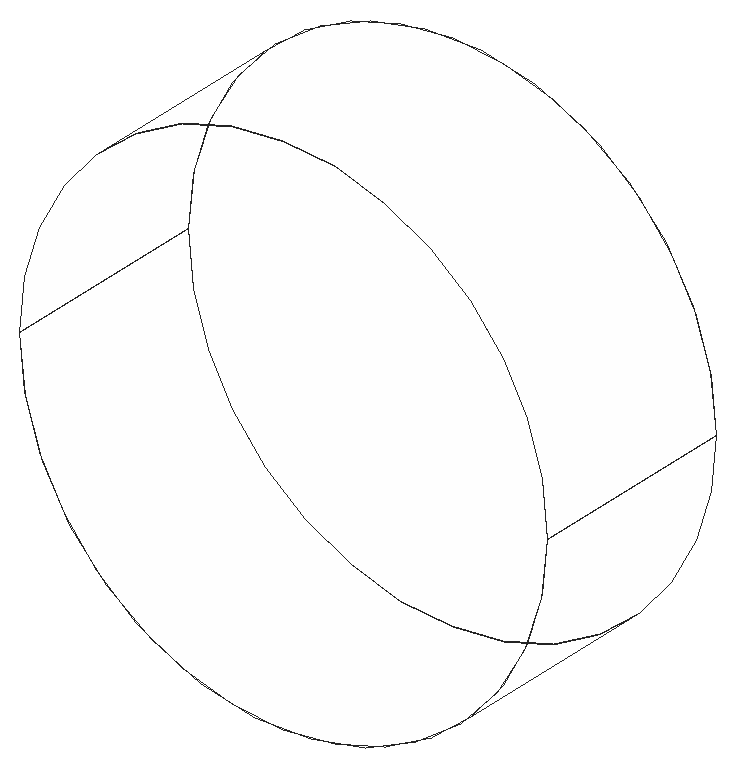
Revit family "199_Отверстие круглое_(Об_Стена)", category Оборудование, Revit 2020
Family settings
  Основа = Стена
  Размер круглого соединителя = Использовать диаметр
  Тип детали = Нормальный
  Номер OmniClass = 23.30.20.00
  Заголовок OmniClass = Windows
  Всегда вертикально = Да
  При загрузке вырезать с полостями = Нет
  Общий = Нет
  Точка расчета площади = Да
Parameters (values of type "ВК")
  Цветовое отображение = yes
  Цвет_Разрез = Заливка Цветная Круглое Отверстие_Разрез : ВК
  Цвет_План = Заливка Цветная Отверстие_План : ВК
  Толщина отделки (Снаружи) [instance] = 0 mm
  Толщина отделки (Внутри) [instance] = 0 mm
  Толщина [instance] = 0 mm
  Радиус (стандарт) [instance] = КП_Р_Радиус  # 250 mm
  Default Elevation = 0 mm
  Description = ""
  Ключевая пометка = "Для плагина «Менеджер отверстий»"  # constant formula
  КП_Р_Ширина [instance] = КП_Р_Высота  # 500 mm
  КП_Р_Радиус [instance] = КП_Р_Диаметр / 2  # 250 mm
  КП_Р_Диаметр [instance] = КП_Р_Высота + Расширение границ * 2  # 500 mm
  КП_Р_Высота [instance] = 500 mm
  КП_О_Описание = ""
  КП_О_Марка = ""
  КП_О_Версия семейства = "1.2"  # constant formula
  КП_О_Версия Revit = "2020"  # constant formula
  КП_О_URL техническое описание [instance] = "http://moodle/mod/book/view.php?id=503&chapterid=759"
  КП_А_Марка проема = ""
  Замыкание стены = Нет
  Группа модели = "Отверстие"  # constant formula
  SYS_OFFSET_UP [instance] = 0 mm
  SYS_OFFSET_DOWN [instance] = 0 mm
  Расширение границ [instance] = 0 mm
Types (6, lengths in mm): name | Цвет_Разрез | Цвет_План | Радиус (стандарт) | КП_Р_Ширина | КП_Р_Радиус | КП_Р_Диаметр | КП_Р_Высота | SYS_OFFSET_UP | SYS_OFFSET_DOWN
  ВК | Заливка Цветная Круглое Отверстие_Разрез : ВК | Заливка Цветная Отверстие_План : ВК | 250 | 500 | 250 | 500 | 500 | 0 | 0
  СС | Заливка Цветная Круглое Отверстие_Разрез : СС | Заливка Цветная Отверстие_План : СС | 195 | 390 | 195 | 390 | 390 | 0 | 0
  ОВ | Заливка Цветная Круглое Отверстие_Разрез : ОВ | Заливка Цветная Отверстие_План : ОВ | 195 | 390 | 195 | 390 | 390 | 0 | 0
  ЭОМ | Заливка Цветная Круглое Отверстие_Разрез : ЭОМ | Заливка Цветная Отверстие_План : ЭОМ | 195 | 390 | 195 | 390 | 390 | 100 | 100
  Несколько категорий | Заливка Цветная Круглое Отверстие_Разрез : Без заливки | Заливка Цветная Отверстие_План : Без заливки | 195 | 390 | 195 | 390 | 390 | 100 | 100
  ОВ общее | Заливка Цветная Круглое Отверстие_Разрез : ОВ | Заливка Цветная Отверстие_План : ОВ общее | 100 | 200 | 100 | 200 | 200 | 0 | 0
Reference planes
  plane 1 "По центру (Вперед/Назад)": y = 0
  plane 2 "Центр (Влево/Вправо)": x = 0
  plane 3 "Вправо": x = -250
  plane 4 "Влево": x = 250
  plane 5 "Вниз": z = 800
  plane 6 "Вверх": z = 1300
  plane 7 "Назад": y = 100
  plane 8 "Вперед": y = -100
  plane 9 "Центр (Вверх/Вниз)": z = 1050
  plane 10: z = 1300
  plane 11: z = 800
  plane 12: x = 250
  plane 13: x = -250
  plane 14: z = 1300
  plane 15: z = 800
  plane 16: y = 100
  plane 17: y = -100
Lines and regions (mm)
  Opening 1
    outline origin (3500, -100, 0) x (1, 0, 0) y (0, 0, 1)
      loop
        circle (-3500, 1050) r 250
  model lines, style "InvisibleLines"
    curve 1: line (0, 0, 1300) -> (0, 0, 800)
  model lines, style "Отверстие_Контур", detail levels fine
    curve 2: circle (0, -100, 1050) r 250 normal (0, -1, 0)
    curve 3: circle (0, 100, 1050) r 250 normal (0, -1, 0)
Text (mm)
  text "НАРУЖНЫЙ" at (-1963.203, 1332.353, 0), in view "Опорный уровень"
  text "ВНУТРЕННИЙ" at (-1981.466, -818.386, 0), in view "Опорный уровень"
  text "Наружный" at (0, 923.751, 2943.296), in view "Справа"
  text "Наружный" at (0, 1040.484, 2685.409), in view "Слева"
Dimensions and locks
  equal spacing: plane 3 "Вправо", plane 2 "Центр (Влево/Вправо)", plane 4 "Влево"
  "КП_Р_Ширина": plane 3 "Вправо" to plane 4 "Влево"
  "КП_Р_Высота": plane 5 "Вниз" to plane 6 "Вверх"
  plane 5 "Вниз" to level = 800 mm
  locked: plane 7 "Назад" to host wall
  locked: plane 8 "Вперед" to host wall
  equal spacing: plane 5 "Вниз", plane 9 "Центр (Вверх/Вниз)", plane 6 "Вверх"
  "SYS_OFFSET_DOWN": plane 11 to plane 5 "Вниз"
  "SYS_OFFSET_UP": plane 6 "Вверх" to plane 10
  locked: plane 2 "Центр (Влево/Вправо)" to Opening 1 sketch curve
  locked: plane 9 "Центр (Вверх/Вниз)" to Opening 1 sketch curve
  "Расширение границ": plane 15 to plane 5 "Вниз"
  "Расширение границ": plane 6 "Вверх" to plane 14
  "Расширение границ": plane 4 "Влево" to plane 12
  "Расширение границ": plane 13 to plane 3 "Вправо"
  locked: plane 9 "Центр (Вверх/Вниз)" to curve 3
  locked: plane 9 "Центр (Вверх/Вниз)" to curve 2
  locked: curve 3 to plane 2 "Центр (Влево/Вправо)"
  locked: curve 2 to plane 2 "Центр (Влево/Вправо)"
  "Толщина отделки (Снаружи)": plane 7 "Назад" to plane 16
  "Толщина отделки (Внутри)": plane 17 to plane 8 "Вперед"
  "КП_Р_Радиус": radius of Opening 1 sketch curve
  "Радиус (стандарт)": radius of curve 2
  "Радиус (стандарт)": radius of curve 3
  aligned and locked: plane 10 to curve 1
  aligned and locked: curve 1 to plane 2 "Центр (Влево/Вправо)"
  aligned and locked: nested 1 to plane 2 "Центр (Влево/Вправо)"
  aligned and locked: nested 1 to plane 14
  aligned and locked: nested 1 to plane 15
  aligned and locked: nested 1 to host wall  (x2)
  aligned and locked: nested 3 to plane 13
  aligned and locked: plane 12 to nested 3
  aligned and locked: nested 2 to plane 9 "Центр (Вверх/Вниз)"
  aligned and locked: nested 3 to plane 17
  aligned and locked: plane 16 to nested 3
Automatic sketch dimensions
  curve 1 to plane 11 = 0 mm
Nested families
  nested 1: "001_Отверсие_Контур_Круг_(ОбМод)" at (0, 0, 1050), type "Тип 1"
    with ОК_Ширина 500 mm, ОК_Диаметр 500 mm, ОК_Глубина 200 mm, ОК_Высота 500 mm
  nested 2: "Заливка Цветная Круглое Отверстие_Разрез" at (0, -100, 1050) x (1, 0, 0) z (0, -1, 0), Диаметр <- "КП_Р_Диаметр", visible <- "Цветовое отображение", type <- "Цвет_Разрез", type "ВК"
    with Сдвиг 50 mm, Радиус 250 mm, Диаметр 500 mm
  nested 3: "Заливка Цветная Отверстие_План" at (0, 0, 0), visible <- "Цветовое отображение", type <- "Цвет_План", type "ВК"
    with смещение вглубь 0 mm, системный_панель_толщина 20 mm, системный_панель_смещение 1 mm, системный_панель_положение 2 no, системный_панель_положение 1 no, системный_панель_зазор 1 mm, системный_панель_выключено yes, панель_зазоры 0 mm, W 200 mm, L 500 mm
Definition of nested family "001_Отверсие_Контур_Круг_(ОбМод)"
  Parameters (values of type "Тип 1")
    Default Elevation = 1219.2 mm
    ОК_Ширина [instance] = ОК_Диаметр  # 787.163 mm
    ОК_Материал = none
    ОК_Диаметр [instance] = 787.163 mm
    ОК_Глубина [instance] = 787.163 mm
    ОК_Высота [instance] = ОК_Диаметр  # 787.163 mm
  Reference planes
    plane 1 "По центру (Вперед/Назад)": y = 0
    plane 2: z = 0
    plane 3 "По центру (Влево/Вправо)": x = 0
    plane 4: x = -393.582
    plane 5: x = 393.582
    plane 6: y = -393.582
    plane 7: y = 393.582
    plane 8: z = 393.582
    plane 9: z = -393.582
  Forms (mm)
    Extrusion 1, solid, material <- "ОК_Материал"
      sketch origin (0, 0, 0) x (1, 0, 0) y (0, 0, 1)
        loop
          circle (0, 0) r 393.582
      from -393.582 to 393.582
  Dimensions and locks
    equal spacing: plane 4, plane 3 "По центру (Влево/Вправо)", plane 5
    "ОК_Ширина": plane 4 to plane 5
    equal spacing: plane 6, plane 1 "По центру (Вперед/Назад)", plane 7
    "ОК_Глубина": plane 7 to plane 6
    equal spacing: plane 8, level, plane 9
    "ОК_Высота": plane 8 to plane 9
    "ОК_Диаметр": diameter of Extrusion 1 sketch curve
    aligned and locked: level to plane 2
    aligned and locked: Extrusion 1 to plane 7
    aligned and locked: Extrusion 1 to plane 6
    aligned and locked: plane 3 "По центру (Влево/Вправо)" to Extrusion 1 sketch curve
    aligned and locked: level to Extrusion 1 sketch curve
Definition of nested family "Заливка Цветная Круглое Отверстие_Разрез"
  Parameters (values of type "СС")
    Черный = no
    Фиолетовый = no
    Синий = no
    Сдвиг [instance] = Диаметр * 0.1  # 30 mm
    Радиус [instance] = Диаметр * 0.5  # 150 mm
    Оранжевый = yes
    Красный = no
    Зеленый = no
    Желтый = no
    Желто-зеленый = no
    Диаметр [instance] = 300 mm
    Серый = no
  Types (7, lengths in mm): name | Черный | Синий | Оранжевый | Красный | Желтый | Желто-зеленый | Серый
    Общий | no | no | no | no | no | no | yes
    ВК | no | yes | no | no | no | no | no
    СС | no | no | yes | no | no | no | no
    ЭОМ | no | no | no | yes | no | no | no
    ОВ | no | no | no | no | yes | no | no
    Без заливки | yes | no | no | no | no | no | no
    ОВ общее | no | no | no | no | no | yes | no
  Reference planes
    plane 1 "По центру (Вперед/Назад)": y = 0
    plane 2: z = 0
    plane 3 "По центру (Влево/Вправо)": x = 0
    plane 4: y = -30
    plane 5: x = 30
    plane 6: x = -150
    plane 7: x = 150
  Lines and regions (mm)
    Filled region 1, type "Черный", in view "Опорный уровень", visible <- "Черный", detail levels coarse
      outline origin (0, 0, 0) x (1, 0, 0) y (0, 1, 0)
        loop
          arc (-90, -120) -> (-76.066, 76.066) -> (120, 90) r 150
          arc (120, 90) -> (-106.066, 106.066) -> (-90, -120) r 150
    Filled region 2, type "Серый", in view "Опорный уровень", visible <- "Серый", detail levels coarse
      outline origin (0, 0, 0) x (1, 0, 0) y (0, 1, 0)
        loop
          arc (-90, -120) -> (-76.066, 76.066) -> (120, 90) r 150
          arc (120, 90) -> (-106.066, 106.066) -> (-90, -120) r 150
    Filled region 3, type "Желтый", in view "Опорный уровень", visible <- "Желтый", detail levels coarse
      outline origin (0, 0, 0) x (1, 0, 0) y (0, 1, 0)
        loop
          arc (-90, -120) -> (-76.066, 76.066) -> (120, 90) r 150
          arc (120, 90) -> (-106.066, 106.066) -> (-90, -120) r 150
    Filled region 4, type "Зеленый", in view "Опорный уровень", visible <- "Зеленый", detail levels coarse
      outline origin (0, 0, 0) x (1, 0, 0) y (0, 1, 0)
        loop
          arc (-90, -120) -> (-76.066, 76.066) -> (120, 90) r 150
          arc (120, 90) -> (-106.066, 106.066) -> (-90, -120) r 150
    Filled region 5, type "Красный", in view "Опорный уровень", visible <- "Красный", detail levels coarse
      outline origin (0, 0, 0) x (1, 0, 0) y (0, 1, 0)
        loop
          arc (-90, -120) -> (-76.066, 76.066) -> (120, 90) r 150
          arc (120, 90) -> (-106.066, 106.066) -> (-90, -120) r 150
    Filled region 6, type "Оранжевый", in view "Опорный уровень", visible <- "Оранжевый", detail levels coarse
      outline origin (0, 0, 0) x (1, 0, 0) y (0, 1, 0)
        loop
          arc (-90, -120) -> (-76.066, 76.066) -> (120, 90) r 150
          arc (120, 90) -> (-106.066, 106.066) -> (-90, -120) r 150
    Filled region 7, type "Синий", in view "Опорный уровень", visible <- "Синий", detail levels coarse
      outline origin (0, 0, 0) x (1, 0, 0) y (0, 1, 0)
        loop
          arc (-90, -120) -> (-76.066, 76.066) -> (120, 90) r 150
          arc (120, 90) -> (-106.066, 106.066) -> (-90, -120) r 150
    Filled region 8, type "Фиолетовый", in view "Опорный уровень", visible <- "Фиолетовый", detail levels coarse
      outline origin (0, 0, 0) x (1, 0, 0) y (0, 1, 0)
        loop
          arc (-90, -120) -> (-76.066, 76.066) -> (120, 90) r 150
          arc (120, 90) -> (-106.066, 106.066) -> (-90, -120) r 150
    Filled region 9, type "Черный", in view "Опорный уровень", detail levels medium+fine
      outline origin (0, 0, 0) x (1, 0, 0) y (0, 1, 0)
        loop
          arc (-90, -120) -> (-76.066, 76.066) -> (120, 90) r 150
          arc (120, 90) -> (-106.066, 106.066) -> (-90, -120) r 150
    Filled region 10, type "Желто-зеленый", in view "Опорный уровень", visible <- "Желто-зеленый", detail levels coarse
      outline origin (0, 0, 0) x (1, 0, 0) y (0, 1, 0)
        loop
          arc (-90, -120) -> (-76.066, 76.066) -> (120, 90) r 150
          arc (120, 90) -> (-106.066, 106.066) -> (-90, -120) r 150
    detail lines, in view "Опорный уровень", visible <- "Черный"
      curve 1: circle (0, 0, 0) r 150 normal (0, 0, 1)
    detail lines, in view "Опорный уровень", visible <- "Синий"
      curve 2: circle (0, 0, 0) r 150 normal (0, 0, 1)
    detail lines, in view "Опорный уровень", visible <- "Серый"
      curve 3: circle (0, 0, 0) r 150 normal (0, 0, 1)
    detail lines, in view "Опорный уровень", visible <- "Желтый"
      curve 4: circle (0, 0, 0) r 150 normal (0, 0, 1)
    detail lines, in view "Опорный уровень", visible <- "Желто-зеленый"
      curve 5: circle (0, 0, 0) r 150 normal (0, 0, 1)
    detail lines, in view "Опорный уровень", visible <- "Оранжевый"
      curve 6: circle (0, 0, 0) r 150 normal (0, 0, 1)
    detail lines, in view "Опорный уровень", visible <- "Красный"
      curve 7: circle (0, 0, 0) r 150 normal (0, 0, 1)
  Dimensions and locks
    "Сдвиг": plane 3 "По центру (Влево/Вправо)" to plane 5
    "Сдвиг": plane 4 to plane 1 "По центру (Вперед/Назад)"
    "Радиус": plane 6 to plane 3 "По центру (Влево/Вправо)"
    "Радиус": plane 3 "По центру (Влево/Вправо)" to plane 7
    "Радиус": radius of curve 1
    "Радиус": radius of Filled region 1 sketch curve  (x2)
    "Радиус": radius of Filled region 2 sketch curve  (x2)
    "Радиус": radius of Filled region 3 sketch curve  (x2)
    "Радиус": radius of Filled region 4 sketch curve  (x2)
    "Радиус": radius of Filled region 5 sketch curve  (x2)
    "Радиус": radius of Filled region 6 sketch curve  (x2)
    "Радиус": radius of Filled region 7 sketch curve  (x2)
    "Радиус": radius of Filled region 8 sketch curve  (x2)
    "Радиус": radius of Filled region 9 sketch curve  (x2)
    "Радиус": radius of Filled region 10 sketch curve  (x2)
    "Радиус": radius of curve 7
    "Радиус": radius of curve 6
    "Радиус": radius of curve 5
    "Радиус": radius of curve 4
    "Радиус": radius of curve 3
    "Радиус": radius of curve 2
  Automatic sketch dimensions
    curve 1 to curve 2 = 0 mm  (x2)
    curve 1 to curve 3 = 0 mm  (x2)
    curve 1 to curve 4 = 0 mm  (x2)
    curve 1 to curve 5 = 0 mm  (x2)
    curve 1 to curve 6 = 0 mm  (x2)
    curve 1 to curve 7 = 0 mm  (x2)
    curve 2 to curve 3 = 0 mm  (x2)
    curve 2 to curve 4 = 0 mm  (x2)
    curve 2 to curve 5 = 0 mm  (x2)
    curve 2 to curve 6 = 0 mm  (x2)
    curve 2 to curve 7 = 0 mm  (x2)
    curve 3 to curve 4 = 0 mm  (x2)
    curve 3 to curve 5 = 0 mm  (x2)
    curve 3 to curve 6 = 0 mm  (x2)
    curve 3 to curve 7 = 0 mm  (x2)
    curve 4 to curve 5 = 0 mm  (x2)
    curve 4 to curve 6 = 0 mm  (x2)
    curve 4 to curve 7 = 0 mm  (x2)
    curve 5 to curve 6 = 0 mm  (x2)
    curve 5 to curve 7 = 0 mm  (x2)
    curve 6 to curve 7 = 0 mm  (x2)
    plane 1 "По центру (Вперед/Назад)" to curve 2 = 0 mm
    curve 2 to plane 3 "По центру (Влево/Вправо)" = 0 mm
    plane 1 "По центру (Вперед/Назад)" to Filled region 1 sketch curve = 0 mm
    Filled region 1 sketch curve to plane 3 "По центру (Влево/Вправо)" = 0 mm
    Filled region 1 sketch curve to plane 4 = 0 mm
    Filled region 1 sketch curve to plane 5 = 0 mm
    plane 1 "По центру (Вперед/Назад)" to Filled region 2 sketch curve = 0 mm
    Filled region 2 sketch curve to plane 3 "По центру (Влево/Вправо)" = 0 mm
    Filled region 2 sketch curve to plane 4 = 0 mm
    Filled region 2 sketch curve to plane 5 = 0 mm
    plane 1 "По центру (Вперед/Назад)" to Filled region 3 sketch curve = 0 mm
    Filled region 3 sketch curve to plane 3 "По центру (Влево/Вправо)" = 0 mm
    Filled region 3 sketch curve to plane 4 = 0 mm
    Filled region 3 sketch curve to plane 5 = 0 mm
    plane 1 "По центру (Вперед/Назад)" to Filled region 4 sketch curve = 0 mm
    Filled region 4 sketch curve to plane 3 "По центру (Влево/Вправо)" = 0 mm
    Filled region 4 sketch curve to plane 4 = 0 mm
    Filled region 4 sketch curve to plane 5 = 0 mm
    plane 1 "По центру (Вперед/Назад)" to Filled region 5 sketch curve = 0 mm
    Filled region 5 sketch curve to plane 3 "По центру (Влево/Вправо)" = 0 mm
    Filled region 5 sketch curve to plane 4 = 0 mm
    Filled region 5 sketch curve to plane 5 = 0 mm
    plane 1 "По центру (Вперед/Назад)" to Filled region 6 sketch curve = 0 mm
    Filled region 6 sketch curve to plane 3 "По центру (Влево/Вправо)" = 0 mm
    Filled region 6 sketch curve to plane 4 = 0 mm
    Filled region 6 sketch curve to plane 5 = 0 mm
    plane 1 "По центру (Вперед/Назад)" to Filled region 7 sketch curve = 0 mm
    Filled region 7 sketch curve to plane 3 "По центру (Влево/Вправо)" = 0 mm
    Filled region 7 sketch curve to plane 4 = 0 mm
    Filled region 7 sketch curve to plane 5 = 0 mm
    plane 1 "По центру (Вперед/Назад)" to Filled region 8 sketch curve = 0 mm
    Filled region 8 sketch curve to plane 3 "По центру (Влево/Вправо)" = 0 mm
    Filled region 8 sketch curve to plane 4 = 0 mm
    Filled region 8 sketch curve to plane 5 = 0 mm
    plane 1 "По центру (Вперед/Назад)" to Filled region 9 sketch curve = 0 mm
    Filled region 9 sketch curve to plane 3 "По центру (Влево/Вправо)" = 0 mm
    Filled region 9 sketch curve to plane 4 = 0 mm
    Filled region 9 sketch curve to plane 5 = 0 mm
    plane 1 "По центру (Вперед/Назад)" to Filled region 10 sketch curve = 0 mm
    Filled region 10 sketch curve to plane 3 "По центру (Влево/Вправо)" = 0 mm
    Filled region 10 sketch curve to plane 4 = 0 mm
    Filled region 10 sketch curve to plane 5 = 0 mm
Definition of nested family "Заливка Цветная Отверстие_План"
  Parameters (values of type "ОВ общее")
    системный_панель_толщина [instance] = 20 mm
    системный_панель_смещение [instance] = if(смещение вглубь < 1 mm, 1 mm, смещение вглубь)  # 10 mm
    системный_панель_положение 2 [instance] = no
    системный_панель_положение 1 [instance] = no
    системный_панель_зазор [instance] = if(панель_зазоры < 1 mm, 1 mm, панель_зазоры)  # 10 mm
    панель_зазоры [instance] = 10 mm
    системный_панель_выключено [instance] = and(not(системный_панель_положение 1), not(системный_панель_положение 2))  # yes
    смещение вглубь [instance] = 10 mm
    Синий = no
    Серый = no
    Оранжевый = no
    Несколько категорий = no
    Красный = no
    Желтый = no
    Желто-зеленый = yes
    L [instance] = 400 mm
    W [instance] = 200 mm
  Types (7, lengths in mm): name | системный_панель_смещение | системный_панель_положение 2 | системный_панель_зазор | панель_зазоры | системный_панель_выключено | смещение вглубь | Синий | Серый | Оранжевый | Несколько категорий | Красный | Желтый | Желто-зеленый | L | W
    ЭОМ | 10 | no | 10 | 10 | yes | 10 | no | no | no | no | yes | no | no | 545 | 265
    ОВ | 10 | no | 10 | 10 | yes | 10 | no | no | no | no | no | yes | no | 400 | 200
    СС | 10 | no | 10 | 10 | yes | 10 | no | no | yes | no | no | no | no | 400 | 200
    ВК | 1 | yes | 1 | 0 | no | 0 | yes | no | no | no | no | no | no | 400 | 200
    Без заливки | 10 | no | 10 | 10 | yes | 10 | no | no | no | yes | no | no | no | 400 | 200
    Общая | 10 | no | 10 | 10 | yes | 10 | no | yes | no | no | no | no | no | 400 | 200
    ОВ общее | 10 | no | 10 | 10 | yes | 10 | no | no | no | no | no | no | yes | 400 | 200
  Reference planes
    plane 1 "По центру (Вперед/Назад)": y = 0
    plane 2: z = 0
    plane 3 "По центру (Влево/Вправо)": x = 0
    plane 4: x = 200
    plane 5: y = -100
    plane 6: y = 100
    plane 7: x = -200
    plane 8: y = -90
    plane 9: y = -70
    plane 10: y = 70
    plane 11: y = 90
    plane 12: x = 190
    plane 13: x = -190
  Lines and regions (mm)
    Filled region 1, type "Синий", in view "Опорный уровень", visible <- "Синий", detail levels coarse+medium
      outline origin (0, 0, 0) x (1, 0, 0) y (0, 1, 0)
        loop
          line (200, -100) -> (200, 100) -> (-200, 100) -> (-200, -100) -> (200, -100)
    Filled region 2, type "Оранжевый", in view "Опорный уровень", visible <- "Оранжевый", detail levels coarse+medium
      outline origin (0, 0, 0) x (1, 0, 0) y (0, 1, 0)
        loop
          line (200, -100) -> (200, 100) -> (-200, 100) -> (-200, -100) -> (200, -100)
    Filled region 3, type "Желтый", in view "Опорный уровень", visible <- "Желтый", detail levels coarse+medium
      outline origin (0, 0, 0) x (1, 0, 0) y (0, 1, 0)
        loop
          line (200, -100) -> (200, 100) -> (-200, 100) -> (-200, -100) -> (200, -100)
    Filled region 4, type "Красный", in view "Опорный уровень", visible <- "Красный", detail levels coarse+medium
      outline origin (0, 0, 0) x (1, 0, 0) y (0, 1, 0)
        loop
          line (200, -100) -> (200, 100) -> (-200, 100) -> (-200, -100) -> (200, -100)
    Filled region 5, type "Желто-зеленый", in view "Опорный уровень", visible <- "Желто-зеленый", detail levels coarse+medium
      outline origin (0, 0, 0) x (1, 0, 0) y (0, 1, 0)
        loop
          line (200, -100) -> (200, 100) -> (-200, 100) -> (-200, -100) -> (200, -100)
    Filled region 6, type "Серый", in view "Опорный уровень", visible <- "Серый", detail levels coarse+medium
      outline origin (0, 0, 0) x (1, 0, 0) y (0, 1, 0)
        loop
          line (200, -100) -> (200, 100) -> (-200, 100) -> (-200, -100) -> (200, -100)
    Filled region 7, type "Проем", in view "Опорный уровень", visible <- "системный_панель_выключено", detail levels fine
      outline origin (0, 0, 0) x (1, 0, 0) y (0, 1, 0)
        loop
          line (200, -100) -> (200, 100) -> (-200, 100) -> (-200, -100) -> (200, -100)
    Filled region 8, type "Проем", in view "Опорный уровень", visible <- "системный_панель_положение 1", detail levels fine
      outline origin (529.145, 293.31, 0) x (1, 0, 0) y (0, 1, 0)
        loop
          line (-729.145, -193.31) -> (-729.145, -393.31) -> (-329.145, -393.31) -> (-329.145, -193.31) -> (-729.145, -193.31)
        loop
          line (-719.145, -223.31) -> (-339.145, -223.31) -> (-339.145, -203.31) -> (-719.145, -203.31) -> (-719.145, -223.31)
    Filled region 9, type "Проем", in view "Опорный уровень", visible <- "системный_панель_положение 2", detail levels fine
      outline origin (529.145, -161.69, 0) x (1, 0, 0) y (0, 1, 0)
        loop
          line (-719.145, 71.69) -> (-339.145, 71.69) -> (-339.145, 91.69) -> (-719.145, 91.69) -> (-719.145, 71.69)
        loop
          line (-329.145, 261.69) -> (-729.145, 261.69) -> (-729.145, 61.69) -> (-329.145, 61.69) -> (-329.145, 261.69)
    detail lines, in view "Опорный уровень", visible <- "Синий"
      curve 1: line (-200, 100, 0) -> (200, 100, 0)
      curve 2: line (-200, -100, 0) -> (-200, 100, 0)
      curve 3: line (200, -100, 0) -> (-200, -100, 0)
      curve 4: line (200, 100, 0) -> (200, -100, 0)
    detail lines, in view "Опорный уровень", visible <- "Желтый"
      curve 5: line (-200, 100, 0) -> (200, 100, 0)
      curve 6: line (-200, -100, 0) -> (-200, 100, 0)
      curve 7: line (200, -100, 0) -> (-200, -100, 0)
      curve 8: line (200, 100, 0) -> (200, -100, 0)
    detail lines, in view "Опорный уровень", visible <- "Оранжевый"
      curve 9: line (-200, 100, 0) -> (200, 100, 0)
      curve 10: line (-200, -100, 0) -> (-200, 100, 0)
      curve 11: line (200, -100, 0) -> (-200, -100, 0)
      curve 12: line (200, 100, 0) -> (200, -100, 0)
    detail lines, in view "Опорный уровень", visible <- "Красный"
      curve 13: line (-200, 100, 0) -> (200, 100, 0)
      curve 14: line (-200, -100, 0) -> (-200, 100, 0)
      curve 15: line (200, -100, 0) -> (-200, -100, 0)
      curve 16: line (200, 100, 0) -> (200, -100, 0)
    detail lines, in view "Опорный уровень", visible <- "Несколько категорий"
      curve 17: line (-200, 100, 0) -> (200, 100, 0)
      curve 18: line (-200, -100, 0) -> (-200, 100, 0)
      curve 19: line (200, -100, 0) -> (-200, -100, 0)
      curve 20: line (200, 100, 0) -> (200, -100, 0)
    detail lines, in view "Опорный уровень", visible <- "Серый"
      curve 21: line (-200, -100, 0) -> (-200, 100, 0)
      curve 22: line (200, -100, 0) -> (-200, -100, 0)
      curve 23: line (-200, 100, 0) -> (200, 100, 0)
      curve 24: line (200, 100, 0) -> (200, -100, 0)
    detail lines, in view "Опорный уровень", visible <- "Желто-зеленый"
      curve 25: line (-200, -100, 0) -> (-200, 100, 0)
      curve 26: line (200, -100, 0) -> (-200, -100, 0)
      curve 27: line (-200, 100, 0) -> (200, 100, 0)
      curve 28: line (200, 100, 0) -> (200, -100, 0)
    detail lines, in view "Опорный уровень", visible <- "Синий", detail levels coarse+medium
      curve 29: line (200, 100, 0) -> (-200, -100, 0)
    detail lines, in view "Опорный уровень", visible <- "Серый", detail levels coarse+medium
      curve 30: line (200, 100, 0) -> (-200, -100, 0)
    detail lines, in view "Опорный уровень", visible <- "Желтый", detail levels coarse+medium
      curve 31: line (200, 100, 0) -> (-200, -100, 0)
    detail lines, in view "Опорный уровень", visible <- "Желто-зеленый", detail levels coarse+medium
      curve 32: line (200, 100, 0) -> (-200, -100, 0)
    detail lines, in view "Опорный уровень", visible <- "Оранжевый", detail levels coarse+medium
      curve 33: line (200, 100, 0) -> (-200, -100, 0)
    detail lines, in view "Опорный уровень", visible <- "Красный", detail levels coarse+medium
      curve 34: line (200, 100, 0) -> (-200, -100, 0)
  Dimensions and locks
    equal spacing: plane 7, plane 3 "По центру (Влево/Вправо)", plane 4
    equal spacing: plane 6, plane 1 "По центру (Вперед/Назад)", plane 5
    "W": plane 6 to plane 5
    "L": plane 7 to plane 4
    "системный_панель_смещение": plane 8 to plane 5
    "системный_панель_толщина": plane 9 to plane 8
    "системный_панель_смещение": plane 6 to plane 11
    "системный_панель_толщина": plane 11 to plane 10
    "системный_панель_зазор": plane 7 to plane 13
    "системный_панель_зазор": plane 12 to plane 4
    aligned and locked: plane 5 to curve 19
    aligned and locked: plane 7 to curve 18
    aligned and locked: curve 17 to plane 6
    aligned and locked: curve 20 to plane 4
    aligned and locked: plane 7 to Filled region 7 sketch curve
    aligned and locked: Filled region 7 sketch curve to plane 4
    aligned and locked: Filled region 7 sketch curve to plane 6
    aligned and locked: plane 5 to Filled region 7 sketch curve
    aligned and locked: Filled region 9 sketch curve to plane 8
    aligned and locked: Filled region 9 sketch curve to plane 9
    aligned and locked: Filled region 9 sketch curve to plane 4
    aligned and locked: Filled region 9 sketch curve to plane 5
    aligned and locked: Filled region 9 sketch curve to plane 7
    aligned and locked: Filled region 9 sketch curve to plane 6
    aligned and locked: Filled region 8 sketch curve to plane 6
    aligned and locked: Filled region 8 sketch curve to plane 7
    aligned and locked: Filled region 8 sketch curve to plane 4
    aligned and locked: Filled region 8 sketch curve to plane 5
    aligned and locked: Filled region 8 sketch curve to plane 10
    aligned and locked: Filled region 8 sketch curve to plane 11
    aligned and locked: Filled region 8 sketch curve to plane 12
    aligned and locked: Filled region 8 sketch curve to plane 13
    aligned and locked: Filled region 9 sketch curve to plane 12
    aligned and locked: Filled region 9 sketch curve to plane 13
  Automatic sketch dimensions
    Filled region 1 sketch curve to plane 5 = 0 mm
    Filled region 1 sketch curve to plane 7 = 0 mm
    Filled region 1 sketch curve to plane 4 = 0 mm
    Filled region 1 sketch curve to plane 6 = 0 mm
    Filled region 2 sketch curve to plane 5 = 0 mm
    Filled region 2 sketch curve to plane 7 = 0 mm
    Filled region 2 sketch curve to plane 4 = 0 mm
    Filled region 2 sketch curve to plane 6 = 0 mm
    Filled region 3 sketch curve to plane 5 = 0 mm
    Filled region 3 sketch curve to plane 7 = 0 mm
    Filled region 3 sketch curve to plane 4 = 0 mm
    Filled region 3 sketch curve to plane 6 = 0 mm
    Filled region 4 sketch curve to plane 5 = 0 mm
    Filled region 4 sketch curve to plane 7 = 0 mm
    Filled region 4 sketch curve to plane 4 = 0 mm
    Filled region 4 sketch curve to plane 6 = 0 mm
    Filled region 5 sketch curve to plane 5 = 0 mm
    Filled region 5 sketch curve to plane 7 = 0 mm
    Filled region 5 sketch curve to plane 4 = 0 mm
    Filled region 5 sketch curve to plane 6 = 0 mm
    Filled region 6 sketch curve to plane 5 = 0 mm
    Filled region 6 sketch curve to plane 7 = 0 mm
    Filled region 6 sketch curve to plane 4 = 0 mm
    Filled region 6 sketch curve to plane 6 = 0 mm
